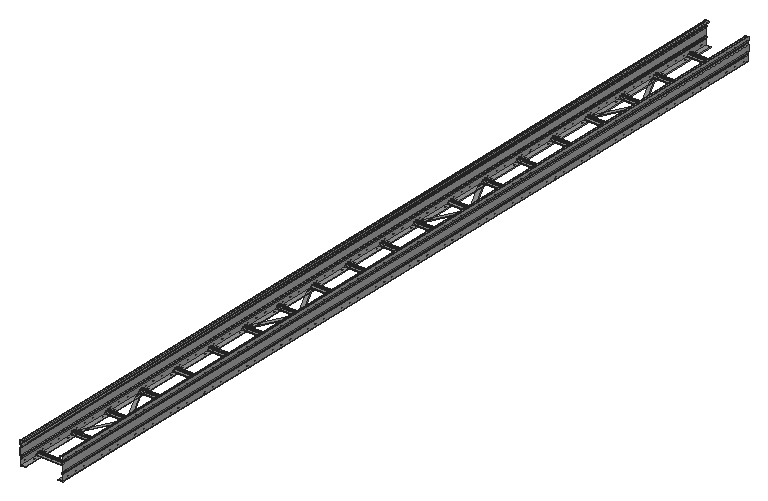
Revit family "W1630 FS, FT, FT SO, A4.28.08", category Generic Models, Revit 2017 (continued)
Forms (mm)
  Extrusion 273, void
    sketch origin (0, 2250, 0) x (0, 1, 0) y (0, 0, 1)
      loop
        line (49.5, 144.5) -> (25.5, 144.5)
        arc (25.5, 144.5) -> (25.146, 144.354) -> (25, 144) r 0.5
        line (25, 144) -> (25, 136)
        arc (25, 136) -> (25.146, 135.646) -> (25.5, 135.5) r 0.5
        line (25.5, 135.5) -> (49.5, 135.5)
        arc (49.5, 135.5) -> (49.854, 135.646) -> (50, 136) r 0.5
        line (50, 136) -> (50, 144)
        arc (50, 144) -> (49.854, 144.354) -> (49.5, 144.5) r 0.5
    from -150 to -148
  Extrusion 274, void
    sketch origin (0, 2325, 0) x (0, 1, 0) y (0, 0, 1)
      loop
        line (49.5, 144.5) -> (25.5, 144.5)
        arc (25.5, 144.5) -> (25.146, 144.354) -> (25, 144) r 0.5
        line (25, 144) -> (25, 136)
        arc (25, 136) -> (25.146, 135.646) -> (25.5, 135.5) r 0.5
        line (25.5, 135.5) -> (49.5, 135.5)
        arc (49.5, 135.5) -> (49.854, 135.646) -> (50, 136) r 0.5
        line (50, 136) -> (50, 144)
        arc (50, 144) -> (49.854, 144.354) -> (49.5, 144.5) r 0.5
    from -150 to -148
  Extrusion 275, void
    sketch origin (0, 2400, 0) x (0, 1, 0) y (0, 0, 1)
      loop
        line (49.5, 144.5) -> (25.5, 144.5)
        arc (25.5, 144.5) -> (25.146, 144.354) -> (25, 144) r 0.5
        line (25, 144) -> (25, 136)
        arc (25, 136) -> (25.146, 135.646) -> (25.5, 135.5) r 0.5
        line (25.5, 135.5) -> (49.5, 135.5)
        arc (49.5, 135.5) -> (49.854, 135.646) -> (50, 136) r 0.5
        line (50, 136) -> (50, 144)
        arc (50, 144) -> (49.854, 144.354) -> (49.5, 144.5) r 0.5
    from -150 to -148
  Extrusion 276, void
    sketch origin (0, 2475, 0) x (0, 1, 0) y (0, 0, 1)
      loop
        line (49.5, 144.5) -> (25.5, 144.5)
        arc (25.5, 144.5) -> (25.146, 144.354) -> (25, 144) r 0.5
        line (25, 144) -> (25, 136)
        arc (25, 136) -> (25.146, 135.646) -> (25.5, 135.5) r 0.5
        line (25.5, 135.5) -> (49.5, 135.5)
        arc (49.5, 135.5) -> (49.854, 135.646) -> (50, 136) r 0.5
        line (50, 136) -> (50, 144)
        arc (50, 144) -> (49.854, 144.354) -> (49.5, 144.5) r 0.5
    from -150 to -148
  Extrusion 277, void
    sketch origin (0, 2550, 0) x (0, 1, 0) y (0, 0, 1)
      loop
        line (49.5, 144.5) -> (25.5, 144.5)
        arc (25.5, 144.5) -> (25.146, 144.354) -> (25, 144) r 0.5
        line (25, 144) -> (25, 136)
        arc (25, 136) -> (25.146, 135.646) -> (25.5, 135.5) r 0.5
        line (25.5, 135.5) -> (49.5, 135.5)
        arc (49.5, 135.5) -> (49.854, 135.646) -> (50, 136) r 0.5
        line (50, 136) -> (50, 144)
        arc (50, 144) -> (49.854, 144.354) -> (49.5, 144.5) r 0.5
    from -150 to -148
  Extrusion 278, void
    sketch origin (0, 2625, 0) x (0, 1, 0) y (0, 0, 1)
      loop
        line (49.5, 144.5) -> (25.5, 144.5)
        arc (25.5, 144.5) -> (25.146, 144.354) -> (25, 144) r 0.5
        line (25, 144) -> (25, 136)
        arc (25, 136) -> (25.146, 135.646) -> (25.5, 135.5) r 0.5
        line (25.5, 135.5) -> (49.5, 135.5)
        arc (49.5, 135.5) -> (49.854, 135.646) -> (50, 136) r 0.5
        line (50, 136) -> (50, 144)
        arc (50, 144) -> (49.854, 144.354) -> (49.5, 144.5) r 0.5
    from -150 to -148
  Extrusion 279, void
    sketch origin (0, 2700, 0) x (0, 1, 0) y (0, 0, 1)
      loop
        line (49.5, 144.5) -> (25.5, 144.5)
        arc (25.5, 144.5) -> (25.146, 144.354) -> (25, 144) r 0.5
        line (25, 144) -> (25, 136)
        arc (25, 136) -> (25.146, 135.646) -> (25.5, 135.5) r 0.5
        line (25.5, 135.5) -> (49.5, 135.5)
        arc (49.5, 135.5) -> (49.854, 135.646) -> (50, 136) r 0.5
        line (50, 136) -> (50, 144)
        arc (50, 144) -> (49.854, 144.354) -> (49.5, 144.5) r 0.5
    from -150 to -148
  Extrusion 280, void
    sketch origin (0, 2775, 0) x (0, 1, 0) y (0, 0, 1)
      loop
        line (49.5, 144.5) -> (25.5, 144.5)
        arc (25.5, 144.5) -> (25.146, 144.354) -> (25, 144) r 0.5
        line (25, 144) -> (25, 136)
        arc (25, 136) -> (25.146, 135.646) -> (25.5, 135.5) r 0.5
        line (25.5, 135.5) -> (49.5, 135.5)
        arc (49.5, 135.5) -> (49.854, 135.646) -> (50, 136) r 0.5
        line (50, 136) -> (50, 144)
        arc (50, 144) -> (49.854, 144.354) -> (49.5, 144.5) r 0.5
    from -150 to -148
  Extrusion 281, void
    sketch origin (0, 2850, 0) x (0, 1, 0) y (0, 0, 1)
      loop
        line (49.5, 144.5) -> (25.5, 144.5)
        arc (25.5, 144.5) -> (25.146, 144.354) -> (25, 144) r 0.5
        line (25, 144) -> (25, 136)
        arc (25, 136) -> (25.146, 135.646) -> (25.5, 135.5) r 0.5
        line (25.5, 135.5) -> (49.5, 135.5)
        arc (49.5, 135.5) -> (49.854, 135.646) -> (50, 136) r 0.5
        line (50, 136) -> (50, 144)
        arc (50, 144) -> (49.854, 144.354) -> (49.5, 144.5) r 0.5
    from -150 to -148
  Extrusion 282, void
    sketch origin (0, 2925, 0) x (0, 1, 0) y (0, 0, 1)
      loop
        line (49.5, 144.5) -> (25.5, 144.5)
        arc (25.5, 144.5) -> (25.146, 144.354) -> (25, 144) r 0.5
        line (25, 144) -> (25, 136)
        arc (25, 136) -> (25.146, 135.646) -> (25.5, 135.5) r 0.5
        line (25.5, 135.5) -> (49.5, 135.5)
        arc (49.5, 135.5) -> (49.854, 135.646) -> (50, 136) r 0.5
        line (50, 136) -> (50, 144)
        arc (50, 144) -> (49.854, 144.354) -> (49.5, 144.5) r 0.5
    from -150 to -148
  Extrusion 283, void
    sketch origin (0, 3000, 0) x (0, 1, 0) y (0, 0, 1)
      loop
        line (49.5, 144.5) -> (25.5, 144.5)
        arc (25.5, 144.5) -> (25.146, 144.354) -> (25, 144) r 0.5
        line (25, 144) -> (25, 136)
        arc (25, 136) -> (25.146, 135.646) -> (25.5, 135.5) r 0.5
        line (25.5, 135.5) -> (49.5, 135.5)
        arc (49.5, 135.5) -> (49.854, 135.646) -> (50, 136) r 0.5
        line (50, 136) -> (50, 144)
        arc (50, 144) -> (49.854, 144.354) -> (49.5, 144.5) r 0.5
    from -150 to -148
  Extrusion 284, void
    sketch origin (0, 3075, 0) x (0, 1, 0) y (0, 0, 1)
      loop
        line (49.5, 144.5) -> (25.5, 144.5)
        arc (25.5, 144.5) -> (25.146, 144.354) -> (25, 144) r 0.5
        line (25, 144) -> (25, 136)
        arc (25, 136) -> (25.146, 135.646) -> (25.5, 135.5) r 0.5
        line (25.5, 135.5) -> (49.5, 135.5)
        arc (49.5, 135.5) -> (49.854, 135.646) -> (50, 136) r 0.5
        line (50, 136) -> (50, 144)
        arc (50, 144) -> (49.854, 144.354) -> (49.5, 144.5) r 0.5
    from -150 to -148
  Extrusion 285, void
    sketch origin (0, 3150, 0) x (0, 1, 0) y (0, 0, 1)
      loop
        line (49.5, 144.5) -> (25.5, 144.5)
        arc (25.5, 144.5) -> (25.146, 144.354) -> (25, 144) r 0.5
        line (25, 144) -> (25, 136)
        arc (25, 136) -> (25.146, 135.646) -> (25.5, 135.5) r 0.5
        line (25.5, 135.5) -> (49.5, 135.5)
        arc (49.5, 135.5) -> (49.854, 135.646) -> (50, 136) r 0.5
        line (50, 136) -> (50, 144)
        arc (50, 144) -> (49.854, 144.354) -> (49.5, 144.5) r 0.5
    from -150 to -148
  Extrusion 286, void
    sketch origin (0, 3225, 0) x (0, 1, 0) y (0, 0, 1)
      loop
        line (49.5, 144.5) -> (25.5, 144.5)
        arc (25.5, 144.5) -> (25.146, 144.354) -> (25, 144) r 0.5
        line (25, 144) -> (25, 136)
        arc (25, 136) -> (25.146, 135.646) -> (25.5, 135.5) r 0.5
        line (25.5, 135.5) -> (49.5, 135.5)
        arc (49.5, 135.5) -> (49.854, 135.646) -> (50, 136) r 0.5
        line (50, 136) -> (50, 144)
        arc (50, 144) -> (49.854, 144.354) -> (49.5, 144.5) r 0.5
    from -150 to -148
  Extrusion 287, void
    sketch origin (0, 3300, 0) x (0, 1, 0) y (0, 0, 1)
      loop
        line (49.5, 144.5) -> (25.5, 144.5)
        arc (25.5, 144.5) -> (25.146, 144.354) -> (25, 144) r 0.5
        line (25, 144) -> (25, 136)
        arc (25, 136) -> (25.146, 135.646) -> (25.5, 135.5) r 0.5
        line (25.5, 135.5) -> (49.5, 135.5)
        arc (49.5, 135.5) -> (49.854, 135.646) -> (50, 136) r 0.5
        line (50, 136) -> (50, 144)
        arc (50, 144) -> (49.854, 144.354) -> (49.5, 144.5) r 0.5
    from -150 to -148
  Extrusion 288, void
    sketch origin (0, 3375, 0) x (0, 1, 0) y (0, 0, 1)
      loop
        line (49.5, 144.5) -> (25.5, 144.5)
        arc (25.5, 144.5) -> (25.146, 144.354) -> (25, 144) r 0.5
        line (25, 144) -> (25, 136)
        arc (25, 136) -> (25.146, 135.646) -> (25.5, 135.5) r 0.5
        line (25.5, 135.5) -> (49.5, 135.5)
        arc (49.5, 135.5) -> (49.854, 135.646) -> (50, 136) r 0.5
        line (50, 136) -> (50, 144)
        arc (50, 144) -> (49.854, 144.354) -> (49.5, 144.5) r 0.5
    from -150 to -148
  Extrusion 289, void
    sketch origin (0, 3450, 0) x (0, 1, 0) y (0, 0, 1)
      loop
        line (49.5, 144.5) -> (25.5, 144.5)
        arc (25.5, 144.5) -> (25.146, 144.354) -> (25, 144) r 0.5
        line (25, 144) -> (25, 136)
        arc (25, 136) -> (25.146, 135.646) -> (25.5, 135.5) r 0.5
        line (25.5, 135.5) -> (49.5, 135.5)
        arc (49.5, 135.5) -> (49.854, 135.646) -> (50, 136) r 0.5
        line (50, 136) -> (50, 144)
        arc (50, 144) -> (49.854, 144.354) -> (49.5, 144.5) r 0.5
    from -150 to -148
  Extrusion 290, void
    sketch origin (0, 3525, 0) x (0, 1, 0) y (0, 0, 1)
      loop
        line (49.5, 144.5) -> (25.5, 144.5)
        arc (25.5, 144.5) -> (25.146, 144.354) -> (25, 144) r 0.5
        line (25, 144) -> (25, 136)
        arc (25, 136) -> (25.146, 135.646) -> (25.5, 135.5) r 0.5
        line (25.5, 135.5) -> (49.5, 135.5)
        arc (49.5, 135.5) -> (49.854, 135.646) -> (50, 136) r 0.5
        line (50, 136) -> (50, 144)
        arc (50, 144) -> (49.854, 144.354) -> (49.5, 144.5) r 0.5
    from -150 to -148
  Extrusion 291, void
    sketch origin (0, 3600, 0) x (0, 1, 0) y (0, 0, 1)
      loop
        line (49.5, 144.5) -> (25.5, 144.5)
        arc (25.5, 144.5) -> (25.146, 144.354) -> (25, 144) r 0.5
        line (25, 144) -> (25, 136)
        arc (25, 136) -> (25.146, 135.646) -> (25.5, 135.5) r 0.5
        line (25.5, 135.5) -> (49.5, 135.5)
        arc (49.5, 135.5) -> (49.854, 135.646) -> (50, 136) r 0.5
        line (50, 136) -> (50, 144)
        arc (50, 144) -> (49.854, 144.354) -> (49.5, 144.5) r 0.5
    from -150 to -148
  Extrusion 292, void
    sketch origin (0, 3675, 0) x (0, 1, 0) y (0, 0, 1)
      loop
        line (49.5, 144.5) -> (25.5, 144.5)
        arc (25.5, 144.5) -> (25.146, 144.354) -> (25, 144) r 0.5
        line (25, 144) -> (25, 136)
        arc (25, 136) -> (25.146, 135.646) -> (25.5, 135.5) r 0.5
        line (25.5, 135.5) -> (49.5, 135.5)
        arc (49.5, 135.5) -> (49.854, 135.646) -> (50, 136) r 0.5
        line (50, 136) -> (50, 144)
        arc (50, 144) -> (49.854, 144.354) -> (49.5, 144.5) r 0.5
    from -150 to -148
  Extrusion 293, void
    sketch origin (0, 3750, 0) x (0, 1, 0) y (0, 0, 1)
      loop
        line (49.5, 144.5) -> (25.5, 144.5)
        arc (25.5, 144.5) -> (25.146, 144.354) -> (25, 144) r 0.5
        line (25, 144) -> (25, 136)
        arc (25, 136) -> (25.146, 135.646) -> (25.5, 135.5) r 0.5
        line (25.5, 135.5) -> (49.5, 135.5)
        arc (49.5, 135.5) -> (49.854, 135.646) -> (50, 136) r 0.5
        line (50, 136) -> (50, 144)
        arc (50, 144) -> (49.854, 144.354) -> (49.5, 144.5) r 0.5
    from -150 to -148
  Extrusion 294, void
    sketch origin (0, 3825, 0) x (0, 1, 0) y (0, 0, 1)
      loop
        line (49.5, 144.5) -> (25.5, 144.5)
        arc (25.5, 144.5) -> (25.146, 144.354) -> (25, 144) r 0.5
        line (25, 144) -> (25, 136)
        arc (25, 136) -> (25.146, 135.646) -> (25.5, 135.5) r 0.5
        line (25.5, 135.5) -> (49.5, 135.5)
        arc (49.5, 135.5) -> (49.854, 135.646) -> (50, 136) r 0.5
        line (50, 136) -> (50, 144)
        arc (50, 144) -> (49.854, 144.354) -> (49.5, 144.5) r 0.5
    from -150 to -148
  Extrusion 295, void
    sketch origin (0, 3900, 0) x (0, 1, 0) y (0, 0, 1)
      loop
        line (49.5, 144.5) -> (25.5, 144.5)
        arc (25.5, 144.5) -> (25.146, 144.354) -> (25, 144) r 0.5
        line (25, 144) -> (25, 136)
        arc (25, 136) -> (25.146, 135.646) -> (25.5, 135.5) r 0.5
        line (25.5, 135.5) -> (49.5, 135.5)
        arc (49.5, 135.5) -> (49.854, 135.646) -> (50, 136) r 0.5
        line (50, 136) -> (50, 144)
        arc (50, 144) -> (49.854, 144.354) -> (49.5, 144.5) r 0.5
    from -150 to -148
  Extrusion 296, void
    sketch origin (0, 3975, 0) x (0, 1, 0) y (0, 0, 1)
      loop
        line (49.5, 144.5) -> (25.5, 144.5)
        arc (25.5, 144.5) -> (25.146, 144.354) -> (25, 144) r 0.5
        line (25, 144) -> (25, 136)
        arc (25, 136) -> (25.146, 135.646) -> (25.5, 135.5) r 0.5
        line (25.5, 135.5) -> (49.5, 135.5)
        arc (49.5, 135.5) -> (49.854, 135.646) -> (50, 136) r 0.5
        line (50, 136) -> (50, 144)
        arc (50, 144) -> (49.854, 144.354) -> (49.5, 144.5) r 0.5
    from -150 to -148
  Extrusion 297, void
    sketch origin (0, 4050, 0) x (0, 1, 0) y (0, 0, 1)
      loop
        line (49.5, 144.5) -> (25.5, 144.5)
        arc (25.5, 144.5) -> (25.146, 144.354) -> (25, 144) r 0.5
        line (25, 144) -> (25, 136)
        arc (25, 136) -> (25.146, 135.646) -> (25.5, 135.5) r 0.5
        line (25.5, 135.5) -> (49.5, 135.5)
        arc (49.5, 135.5) -> (49.854, 135.646) -> (50, 136) r 0.5
        line (50, 136) -> (50, 144)
        arc (50, 144) -> (49.854, 144.354) -> (49.5, 144.5) r 0.5
    from -150 to -148
  Extrusion 298, void
    sketch origin (0, 4125, 0) x (0, 1, 0) y (0, 0, 1)
      loop
        line (49.5, 144.5) -> (25.5, 144.5)
        arc (25.5, 144.5) -> (25.146, 144.354) -> (25, 144) r 0.5
        line (25, 144) -> (25, 136)
        arc (25, 136) -> (25.146, 135.646) -> (25.5, 135.5) r 0.5
        line (25.5, 135.5) -> (49.5, 135.5)
        arc (49.5, 135.5) -> (49.854, 135.646) -> (50, 136) r 0.5
        line (50, 136) -> (50, 144)
        arc (50, 144) -> (49.854, 144.354) -> (49.5, 144.5) r 0.5
    from -150 to -148
  Extrusion 299, void
    sketch origin (0, 4200, 0) x (0, 1, 0) y (0, 0, 1)
      loop
        line (49.5, 144.5) -> (25.5, 144.5)
        arc (25.5, 144.5) -> (25.146, 144.354) -> (25, 144) r 0.5
        line (25, 144) -> (25, 136)
        arc (25, 136) -> (25.146, 135.646) -> (25.5, 135.5) r 0.5
        line (25.5, 135.5) -> (49.5, 135.5)
        arc (49.5, 135.5) -> (49.854, 135.646) -> (50, 136) r 0.5
        line (50, 136) -> (50, 144)
        arc (50, 144) -> (49.854, 144.354) -> (49.5, 144.5) r 0.5
    from -150 to -148
  Extrusion 300, void
    sketch origin (0, 4275, 0) x (0, 1, 0) y (0, 0, 1)
      loop
        line (49.5, 144.5) -> (25.5, 144.5)
        arc (25.5, 144.5) -> (25.146, 144.354) -> (25, 144) r 0.5
        line (25, 144) -> (25, 136)
        arc (25, 136) -> (25.146, 135.646) -> (25.5, 135.5) r 0.5
        line (25.5, 135.5) -> (49.5, 135.5)
        arc (49.5, 135.5) -> (49.854, 135.646) -> (50, 136) r 0.5
        line (50, 136) -> (50, 144)
        arc (50, 144) -> (49.854, 144.354) -> (49.5, 144.5) r 0.5
    from -150 to -148
  Extrusion 301, void
    sketch origin (0, 4350, 0) x (0, 1, 0) y (0, 0, 1)
      loop
        line (49.5, 144.5) -> (25.5, 144.5)
        arc (25.5, 144.5) -> (25.146, 144.354) -> (25, 144) r 0.5
        line (25, 144) -> (25, 136)
        arc (25, 136) -> (25.146, 135.646) -> (25.5, 135.5) r 0.5
        line (25.5, 135.5) -> (49.5, 135.5)
        arc (49.5, 135.5) -> (49.854, 135.646) -> (50, 136) r 0.5
        line (50, 136) -> (50, 144)
        arc (50, 144) -> (49.854, 144.354) -> (49.5, 144.5) r 0.5
    from -150 to -148
  Extrusion 302, void
    sketch origin (0, 4425, 0) x (0, 1, 0) y (0, 0, 1)
      loop
        line (49.5, 144.5) -> (25.5, 144.5)
        arc (25.5, 144.5) -> (25.146, 144.354) -> (25, 144) r 0.5
        line (25, 144) -> (25, 136)
        arc (25, 136) -> (25.146, 135.646) -> (25.5, 135.5) r 0.5
        line (25.5, 135.5) -> (49.5, 135.5)
        arc (49.5, 135.5) -> (49.854, 135.646) -> (50, 136) r 0.5
        line (50, 136) -> (50, 144)
        arc (50, 144) -> (49.854, 144.354) -> (49.5, 144.5) r 0.5
    from -150 to -148
  Extrusion 303, void
    sketch origin (0, 4500, 0) x (0, 1, 0) y (0, 0, 1)
      loop
        line (49.5, 144.5) -> (25.5, 144.5)
        arc (25.5, 144.5) -> (25.146, 144.354) -> (25, 144) r 0.5
        line (25, 144) -> (25, 136)
        arc (25, 136) -> (25.146, 135.646) -> (25.5, 135.5) r 0.5
        line (25.5, 135.5) -> (49.5, 135.5)
        arc (49.5, 135.5) -> (49.854, 135.646) -> (50, 136) r 0.5
        line (50, 136) -> (50, 144)
        arc (50, 144) -> (49.854, 144.354) -> (49.5, 144.5) r 0.5
    from -150 to -148
  Extrusion 304, void
    sketch origin (0, 4575, 0) x (0, 1, 0) y (0, 0, 1)
      loop
        line (49.5, 144.5) -> (25.5, 144.5)
        arc (25.5, 144.5) -> (25.146, 144.354) -> (25, 144) r 0.5
        line (25, 144) -> (25, 136)
        arc (25, 136) -> (25.146, 135.646) -> (25.5, 135.5) r 0.5
        line (25.5, 135.5) -> (49.5, 135.5)
        arc (49.5, 135.5) -> (49.854, 135.646) -> (50, 136) r 0.5
        line (50, 136) -> (50, 144)
        arc (50, 144) -> (49.854, 144.354) -> (49.5, 144.5) r 0.5
    from -150 to -148
  Extrusion 305, void
    sketch origin (0, 4650, 0) x (0, 1, 0) y (0, 0, 1)
      loop
        line (49.5, 144.5) -> (25.5, 144.5)
        arc (25.5, 144.5) -> (25.146, 144.354) -> (25, 144) r 0.5
        line (25, 144) -> (25, 136)
        arc (25, 136) -> (25.146, 135.646) -> (25.5, 135.5) r 0.5
        line (25.5, 135.5) -> (49.5, 135.5)
        arc (49.5, 135.5) -> (49.854, 135.646) -> (50, 136) r 0.5
        line (50, 136) -> (50, 144)
        arc (50, 144) -> (49.854, 144.354) -> (49.5, 144.5) r 0.5
    from -150 to -148
  Extrusion 306, void
    sketch origin (0, 4725, 0) x (0, 1, 0) y (0, 0, 1)
      loop
        line (49.5, 144.5) -> (25.5, 144.5)
        arc (25.5, 144.5) -> (25.146, 144.354) -> (25, 144) r 0.5
        line (25, 144) -> (25, 136)
        arc (25, 136) -> (25.146, 135.646) -> (25.5, 135.5) r 0.5
        line (25.5, 135.5) -> (49.5, 135.5)
        arc (49.5, 135.5) -> (49.854, 135.646) -> (50, 136) r 0.5
        line (50, 136) -> (50, 144)
        arc (50, 144) -> (49.854, 144.354) -> (49.5, 144.5) r 0.5
    from -150 to -148
  Extrusion 307, void
    sketch origin (0, 4800, 0) x (0, 1, 0) y (0, 0, 1)
      loop
        line (49.5, 144.5) -> (25.5, 144.5)
        arc (25.5, 144.5) -> (25.146, 144.354) -> (25, 144) r 0.5
        line (25, 144) -> (25, 136)
        arc (25, 136) -> (25.146, 135.646) -> (25.5, 135.5) r 0.5
        line (25.5, 135.5) -> (49.5, 135.5)
        arc (49.5, 135.5) -> (49.854, 135.646) -> (50, 136) r 0.5
        line (50, 136) -> (50, 144)
        arc (50, 144) -> (49.854, 144.354) -> (49.5, 144.5) r 0.5
    from -150 to -148
  Extrusion 308, void
    sketch origin (0, 4875, 0) x (0, 1, 0) y (0, 0, 1)
      loop
        line (49.5, 144.5) -> (25.5, 144.5)
        arc (25.5, 144.5) -> (25.146, 144.354) -> (25, 144) r 0.5
        line (25, 144) -> (25, 136)
        arc (25, 136) -> (25.146, 135.646) -> (25.5, 135.5) r 0.5
        line (25.5, 135.5) -> (49.5, 135.5)
        arc (49.5, 135.5) -> (49.854, 135.646) -> (50, 136) r 0.5
        line (50, 136) -> (50, 144)
        arc (50, 144) -> (49.854, 144.354) -> (49.5, 144.5) r 0.5
    from -150 to -148
  Extrusion 309, void
    sketch origin (0, 4950, 0) x (0, 1, 0) y (0, 0, 1)
      loop
        line (49.5, 144.5) -> (25.5, 144.5)
        arc (25.5, 144.5) -> (25.146, 144.354) -> (25, 144) r 0.5
        line (25, 144) -> (25, 136)
        arc (25, 136) -> (25.146, 135.646) -> (25.5, 135.5) r 0.5
        line (25.5, 135.5) -> (49.5, 135.5)
        arc (49.5, 135.5) -> (49.854, 135.646) -> (50, 136) r 0.5
        line (50, 136) -> (50, 144)
        arc (50, 144) -> (49.854, 144.354) -> (49.5, 144.5) r 0.5
    from -150 to -148
  Extrusion 310, void
    sketch origin (0, 5025, 0) x (0, 1, 0) y (0, 0, 1)
      loop
        line (49.5, 144.5) -> (25.5, 144.5)
        arc (25.5, 144.5) -> (25.146, 144.354) -> (25, 144) r 0.5
        line (25, 144) -> (25, 136)
        arc (25, 136) -> (25.146, 135.646) -> (25.5, 135.5) r 0.5
        line (25.5, 135.5) -> (49.5, 135.5)
        arc (49.5, 135.5) -> (49.854, 135.646) -> (50, 136) r 0.5
        line (50, 136) -> (50, 144)
        arc (50, 144) -> (49.854, 144.354) -> (49.5, 144.5) r 0.5
    from -150 to -148
  Extrusion 311, void
    sketch origin (0, 5100, 0) x (0, 1, 0) y (0, 0, 1)
      loop
        line (49.5, 144.5) -> (25.5, 144.5)
        arc (25.5, 144.5) -> (25.146, 144.354) -> (25, 144) r 0.5
        line (25, 144) -> (25, 136)
        arc (25, 136) -> (25.146, 135.646) -> (25.5, 135.5) r 0.5
        line (25.5, 135.5) -> (49.5, 135.5)
        arc (49.5, 135.5) -> (49.854, 135.646) -> (50, 136) r 0.5
        line (50, 136) -> (50, 144)
        arc (50, 144) -> (49.854, 144.354) -> (49.5, 144.5) r 0.5
    from -150 to -148
  Extrusion 312, void
    sketch origin (0, 5175, 0) x (0, 1, 0) y (0, 0, 1)
      loop
        line (49.5, 144.5) -> (25.5, 144.5)
        arc (25.5, 144.5) -> (25.146, 144.354) -> (25, 144) r 0.5
        line (25, 144) -> (25, 136)
        arc (25, 136) -> (25.146, 135.646) -> (25.5, 135.5) r 0.5
        line (25.5, 135.5) -> (49.5, 135.5)
        arc (49.5, 135.5) -> (49.854, 135.646) -> (50, 136) r 0.5
        line (50, 136) -> (50, 144)
        arc (50, 144) -> (49.854, 144.354) -> (49.5, 144.5) r 0.5
    from -150 to -148
  Extrusion 313, void
    sketch origin (0, 5250, 0) x (0, 1, 0) y (0, 0, 1)
      loop
        line (49.5, 144.5) -> (25.5, 144.5)
        arc (25.5, 144.5) -> (25.146, 144.354) -> (25, 144) r 0.5
        line (25, 144) -> (25, 136)
        arc (25, 136) -> (25.146, 135.646) -> (25.5, 135.5) r 0.5
        line (25.5, 135.5) -> (49.5, 135.5)
        arc (49.5, 135.5) -> (49.854, 135.646) -> (50, 136) r 0.5
        line (50, 136) -> (50, 144)
        arc (50, 144) -> (49.854, 144.354) -> (49.5, 144.5) r 0.5
    from -150 to -148
  Extrusion 314, void
    sketch origin (0, 5325, 0) x (0, 1, 0) y (0, 0, 1)
      loop
        line (49.5, 144.5) -> (25.5, 144.5)
        arc (25.5, 144.5) -> (25.146, 144.354) -> (25, 144) r 0.5
        line (25, 144) -> (25, 136)
        arc (25, 136) -> (25.146, 135.646) -> (25.5, 135.5) r 0.5
        line (25.5, 135.5) -> (49.5, 135.5)
        arc (49.5, 135.5) -> (49.854, 135.646) -> (50, 136) r 0.5
        line (50, 136) -> (50, 144)
        arc (50, 144) -> (49.854, 144.354) -> (49.5, 144.5) r 0.5
    from -150 to -148
  Extrusion 315, void
    sketch origin (0, 5400, 0) x (0, 1, 0) y (0, 0, 1)
      loop
        line (49.5, 144.5) -> (25.5, 144.5)
        arc (25.5, 144.5) -> (25.146, 144.354) -> (25, 144) r 0.5
        line (25, 144) -> (25, 136)
        arc (25, 136) -> (25.146, 135.646) -> (25.5, 135.5) r 0.5
        line (25.5, 135.5) -> (49.5, 135.5)
        arc (49.5, 135.5) -> (49.854, 135.646) -> (50, 136) r 0.5
        line (50, 136) -> (50, 144)
        arc (50, 144) -> (49.854, 144.354) -> (49.5, 144.5) r 0.5
    from -150 to -148
  Extrusion 316, void
    sketch origin (0, 5475, 0) x (0, 1, 0) y (0, 0, 1)
      loop
        line (49.5, 144.5) -> (25.5, 144.5)
        arc (25.5, 144.5) -> (25.146, 144.354) -> (25, 144) r 0.5
        line (25, 144) -> (25, 136)
        arc (25, 136) -> (25.146, 135.646) -> (25.5, 135.5) r 0.5
        line (25.5, 135.5) -> (49.5, 135.5)
        arc (49.5, 135.5) -> (49.854, 135.646) -> (50, 136) r 0.5
        line (50, 136) -> (50, 144)
        arc (50, 144) -> (49.854, 144.354) -> (49.5, 144.5) r 0.5
    from -150 to -148
  Extrusion 317, void
    sketch origin (0, 5550, 0) x (0, 1, 0) y (0, 0, 1)
      loop
        line (49.5, 144.5) -> (25.5, 144.5)
        arc (25.5, 144.5) -> (25.146, 144.354) -> (25, 144) r 0.5
        line (25, 144) -> (25, 136)
        arc (25, 136) -> (25.146, 135.646) -> (25.5, 135.5) r 0.5
        line (25.5, 135.5) -> (49.5, 135.5)
        arc (49.5, 135.5) -> (49.854, 135.646) -> (50, 136) r 0.5
        line (50, 136) -> (50, 144)
        arc (50, 144) -> (49.854, 144.354) -> (49.5, 144.5) r 0.5
    from -150 to -148
  Extrusion 318, void
    sketch origin (0, 5625, 0) x (0, 1, 0) y (0, 0, 1)
      loop
        line (49.5, 144.5) -> (25.5, 144.5)
        arc (25.5, 144.5) -> (25.146, 144.354) -> (25, 144) r 0.5
        line (25, 144) -> (25, 136)
        arc (25, 136) -> (25.146, 135.646) -> (25.5, 135.5) r 0.5
        line (25.5, 135.5) -> (49.5, 135.5)
        arc (49.5, 135.5) -> (49.854, 135.646) -> (50, 136) r 0.5
        line (50, 136) -> (50, 144)
        arc (50, 144) -> (49.854, 144.354) -> (49.5, 144.5) r 0.5
    from -150 to -148
  Extrusion 319, void
    sketch origin (0, 5700, 0) x (0, 1, 0) y (0, 0, 1)
      loop
        line (49.5, 144.5) -> (25.5, 144.5)
        arc (25.5, 144.5) -> (25.146, 144.354) -> (25, 144) r 0.5
        line (25, 144) -> (25, 136)
        arc (25, 136) -> (25.146, 135.646) -> (25.5, 135.5) r 0.5
        line (25.5, 135.5) -> (49.5, 135.5)
        arc (49.5, 135.5) -> (49.854, 135.646) -> (50, 136) r 0.5
        line (50, 136) -> (50, 144)
        arc (50, 144) -> (49.854, 144.354) -> (49.5, 144.5) r 0.5
    from -150 to -148
  Extrusion 320, void
    sketch origin (0, 5775, 0) x (0, 1, 0) y (0, 0, 1)
      loop
        line (49.5, 144.5) -> (25.5, 144.5)
        arc (25.5, 144.5) -> (25.146, 144.354) -> (25, 144) r 0.5
        line (25, 144) -> (25, 136)
        arc (25, 136) -> (25.146, 135.646) -> (25.5, 135.5) r 0.5
        line (25.5, 135.5) -> (49.5, 135.5)
        arc (49.5, 135.5) -> (49.854, 135.646) -> (50, 136) r 0.5
        line (50, 136) -> (50, 144)
        arc (50, 144) -> (49.854, 144.354) -> (49.5, 144.5) r 0.5
    from -150 to -148
  Extrusion 321, void
    sketch origin (0, 5850, 0) x (0, 1, 0) y (0, 0, 1)
      loop
        line (49.5, 144.5) -> (25.5, 144.5)
        arc (25.5, 144.5) -> (25.146, 144.354) -> (25, 144) r 0.5
        line (25, 144) -> (25, 136)
        arc (25, 136) -> (25.146, 135.646) -> (25.5, 135.5) r 0.5
        line (25.5, 135.5) -> (49.5, 135.5)
        arc (49.5, 135.5) -> (49.854, 135.646) -> (50, 136) r 0.5
        line (50, 136) -> (50, 144)
        arc (50, 144) -> (49.854, 144.354) -> (49.5, 144.5) r 0.5
    from -150 to -148
  Extrusion 322, void
    sketch origin (0, 5925, 0) x (0, 1, 0) y (0, 0, 1)
      loop
        line (49.5, 144.5) -> (25.5, 144.5)
        arc (25.5, 144.5) -> (25.146, 144.354) -> (25, 144) r 0.5
        line (25, 144) -> (25, 136)
        arc (25, 136) -> (25.146, 135.646) -> (25.5, 135.5) r 0.5
        line (25.5, 135.5) -> (49.5, 135.5)
        arc (49.5, 135.5) -> (49.854, 135.646) -> (50, 136) r 0.5
        line (50, 136) -> (50, 144)
        arc (50, 144) -> (49.854, 144.354) -> (49.5, 144.5) r 0.5
    from -150 to -148
  Extrusion 323, solid, material "Hot-dip galvanised" <- "Material"
    sketch origin (0, 0, 0) x (0, 1, 0) y (0, 0, 1)
      loop
        line (134.972, 3.5) -> (165.028, 3.5)
        arc (165.028, 3.5) -> (166.583, 4.242) -> (166.984, 5.917) r 2
        line (166.984, 5.917) -> (163.998, 19.917)
        arc (163.998, 19.917) -> (163.301, 21.055) -> (162.042, 21.5) r 2
        line (162.042, 21.5) -> (158.095, 21.5) -> (158.095, 20) -> (161.638, 20)
        arc (161.638, 20) -> (162.267, 19.777) -> (162.616, 19.209) r 1
        line (162.616, 19.209) -> (165.389, 6.209)
        arc (165.389, 6.209) -> (165.188, 5.371) -> (164.411, 5) r 1
        line (164.411, 5) -> (135.589, 5)
        arc (135.589, 5) -> (134.812, 5.371) -> (134.611, 6.209) r 1
        line (134.611, 6.209) -> (137.384, 19.209)
        arc (137.384, 19.209) -> (137.733, 19.777) -> (138.362, 20) r 1
        line (138.362, 20) -> (141.595, 20) -> (141.595, 21.5) -> (137.958, 21.5)
        arc (137.958, 21.5) -> (136.699, 21.055) -> (136.002, 19.917) r 2
        line (136.002, 19.917) -> (133.016, 5.917)
        arc (133.016, 5.917) -> (133.417, 4.242) -> (134.972, 3.5) r 2
    from -146.514 to 146.514
  Extrusion 324, void
    sketch origin (0, 0, 0) x (1, 0, 0) y (0, 1, 0)
      loop
        circle (-132, 99.595) r 2.5
    from 0 to 2
  Extrusion 325, void
    sketch origin (0, 300, 0) x (1, 0, 0) y (0, 1, 0)
      loop
        circle (-132, 99.595) r 2.5
    from 0 to 2
  Extrusion 326, void
    sketch origin (0, 600, 0) x (1, 0, 0) y (0, 1, 0)
      loop
        circle (-132, 99.595) r 2.5
    from 0 to 2
  Extrusion 327, void
    sketch origin (0, 900, 0) x (1, 0, 0) y (0, 1, 0)
      loop
        circle (-132, 99.595) r 2.5
    from 0 to 2
  Extrusion 328, void
    sketch origin (0, 1200, 0) x (1, 0, 0) y (0, 1, 0)
      loop
        circle (-132, 99.595) r 2.5
    from 0 to 2
  Extrusion 329, void
    sketch origin (0, 1500, 0) x (1, 0, 0) y (0, 1, 0)
      loop
        circle (-132, 99.595) r 2.5
    from 0 to 2
  Extrusion 330, void
    sketch origin (0, 1800, 0) x (1, 0, 0) y (0, 1, 0)
      loop
        circle (-132, 99.595) r 2.5
    from 0 to 2
  Extrusion 331, void
    sketch origin (0, 2100, 0) x (1, 0, 0) y (0, 1, 0)
      loop
        circle (-132, 99.595) r 2.5
    from 0 to 2
  Extrusion 332, void
    sketch origin (0, 2400, 0) x (1, 0, 0) y (0, 1, 0)
      loop
        circle (-132, 99.595) r 2.5
    from 0 to 2
  Extrusion 333, void
    sketch origin (0, 2700, 0) x (1, 0, 0) y (0, 1, 0)
      loop
        circle (-132, 99.595) r 2.5
    from 0 to 2
  Extrusion 334, void
    sketch origin (0, 3000, 0) x (1, 0, 0) y (0, 1, 0)
      loop
        circle (-132, 99.595) r 2.5
    from 0 to 2
  Extrusion 335, void
    sketch origin (0, 3300, 0) x (1, 0, 0) y (0, 1, 0)
      loop
        circle (-132, 99.595) r 2.5
    from 0 to 2
  Extrusion 336, void
    sketch origin (0, 3600, 0) x (1, 0, 0) y (0, 1, 0)
      loop
        circle (-132, 99.595) r 2.5
    from 0 to 2
  Extrusion 337, void
    sketch origin (0, 3900, 0) x (1, 0, 0) y (0, 1, 0)
      loop
        circle (-132, 99.595) r 2.5
    from 0 to 2
  Extrusion 338, void
    sketch origin (0, 4200, 0) x (1, 0, 0) y (0, 1, 0)
      loop
        circle (-132, 99.595) r 2.5
    from 0 to 2
  Extrusion 339, void
    sketch origin (0, 4500, 0) x (1, 0, 0) y (0, 1, 0)
      loop
        circle (-132, 99.595) r 2.5
    from 0 to 2
  Extrusion 340, void
    sketch origin (0, 4800, 0) x (1, 0, 0) y (0, 1, 0)
      loop
        circle (-132, 99.595) r 2.5
    from 0 to 2
  Extrusion 341, void
    sketch origin (0, 5100, 0) x (1, 0, 0) y (0, 1, 0)
      loop
        circle (-132, 99.595) r 2.5
    from 0 to 2
  Extrusion 342, void
    sketch origin (0, 5400, 0) x (1, 0, 0) y (0, 1, 0)
      loop
        circle (-132, 99.595) r 2.5
    from 0 to 2
  Extrusion 343, void
    sketch origin (0, 5700, 0) x (1, 0, 0) y (0, 1, 0)
      loop
        circle (-132, 99.595) r 2.5
    from 0 to 2
  Extrusion 344, void
    sketch origin (0, 0, 0) x (1, 0, 0) y (0, 1, 0)
      loop
        circle (-132, 199.595) r 2.5
    from 0 to 2
  Extrusion 345, void
    sketch origin (0, 300, 0) x (1, 0, 0) y (0, 1, 0)
      loop
        circle (-132, 199.595) r 2.5
    from 0 to 2
  Extrusion 346, void
    sketch origin (0, 600, 0) x (1, 0, 0) y (0, 1, 0)
      loop
        circle (-132, 199.595) r 2.5
    from 0 to 2
  Extrusion 347, void
    sketch origin (0, 900, 0) x (1, 0, 0) y (0, 1, 0)
      loop
        circle (-132, 199.595) r 2.5
    from 0 to 2
  Extrusion 348, void
    sketch origin (0, 1200, 0) x (1, 0, 0) y (0, 1, 0)
      loop
        circle (-132, 199.595) r 2.5
    from 0 to 2
  Extrusion 349, void
    sketch origin (0, 1500, 0) x (1, 0, 0) y (0, 1, 0)
      loop
        circle (-132, 199.595) r 2.5
    from 0 to 2
  Extrusion 350, void
    sketch origin (0, 1800, 0) x (1, 0, 0) y (0, 1, 0)
      loop
        circle (-132, 199.595) r 2.5
    from 0 to 2
  Extrusion 351, void
    sketch origin (0, 2100, 0) x (1, 0, 0) y (0, 1, 0)
      loop
        circle (-132, 199.595) r 2.5
    from 0 to 2
  Extrusion 352, void
    sketch origin (0, 2400, 0) x (1, 0, 0) y (0, 1, 0)
      loop
        circle (-132, 199.595) r 2.5
    from 0 to 2
  Extrusion 353, void
    sketch origin (0, 2700, 0) x (1, 0, 0) y (0, 1, 0)
      loop
        circle (-132, 199.595) r 2.5
    from 0 to 2
  Extrusion 354, void
    sketch origin (0, 3000, 0) x (1, 0, 0) y (0, 1, 0)
      loop
        circle (-132, 199.595) r 2.5
    from 0 to 2
  Extrusion 355, void
    sketch origin (0, 3300, 0) x (1, 0, 0) y (0, 1, 0)
      loop
        circle (-132, 199.595) r 2.5
    from 0 to 2
  Extrusion 356, void
    sketch origin (0, 3600, 0) x (1, 0, 0) y (0, 1, 0)
      loop
        circle (-132, 199.595) r 2.5
    from 0 to 2
  Extrusion 357, void
    sketch origin (0, 3900, 0) x (1, 0, 0) y (0, 1, 0)
      loop
        circle (-132, 199.595) r 2.5
    from 0 to 2
  Extrusion 358, void
    sketch origin (0, 4200, 0) x (1, 0, 0) y (0, 1, 0)
      loop
        circle (-132, 199.595) r 2.5
    from 0 to 2
  Extrusion 359, void
    sketch origin (0, 4500, 0) x (1, 0, 0) y (0, 1, 0)
      loop
        circle (-132, 199.595) r 2.5
    from 0 to 2
  Extrusion 360, void
    sketch origin (0, 4800, 0) x (1, 0, 0) y (0, 1, 0)
      loop
        circle (-132, 199.595) r 2.5
    from 0 to 2
  Extrusion 361, void
    sketch origin (0, 5100, 0) x (1, 0, 0) y (0, 1, 0)
      loop
        circle (-132, 199.595) r 2.5
    from 0 to 2
  Extrusion 362, void
    sketch origin (0, 5400, 0) x (1, 0, 0) y (0, 1, 0)
      loop
        circle (-132, 199.595) r 2.5
    from 0 to 2
  Extrusion 363, void
    sketch origin (0, 5700, 0) x (1, 0, 0) y (0, 1, 0)
      loop
        circle (-132, 199.595) r 2.5
    from 0 to 2
  Extrusion 364, void
    sketch origin (0, 0, 0) x (1, 0, 0) y (0, 1, 0)
      loop
        circle (132, 99.595) r 2.5
    from 0 to 2
  Extrusion 365, void
    sketch origin (0, 300, 0) x (1, 0, 0) y (0, 1, 0)
      loop
        circle (132, 99.595) r 2.5
    from 0 to 2
  Extrusion 366, void
    sketch origin (0, 600, 0) x (1, 0, 0) y (0, 1, 0)
      loop
        circle (132, 99.595) r 2.5
    from 0 to 2
  Extrusion 367, void
    sketch origin (0, 900, 0) x (1, 0, 0) y (0, 1, 0)
      loop
        circle (132, 99.595) r 2.5
    from 0 to 2
  Extrusion 368, void
    sketch origin (0, 1200, 0) x (1, 0, 0) y (0, 1, 0)
      loop
        circle (132, 99.595) r 2.5
    from 0 to 2
  Extrusion 369, void
    sketch origin (0, 1500, 0) x (1, 0, 0) y (0, 1, 0)
      loop
        circle (132, 99.595) r 2.5
    from 0 to 2
  Extrusion 370, void
    sketch origin (0, 1800, 0) x (1, 0, 0) y (0, 1, 0)
      loop
        circle (132, 99.595) r 2.5
    from 0 to 2
  Extrusion 371, void
    sketch origin (0, 2100, 0) x (1, 0, 0) y (0, 1, 0)
      loop
        circle (132, 99.595) r 2.5
    from 0 to 2
  Extrusion 372, void
    sketch origin (0, 2400, 0) x (1, 0, 0) y (0, 1, 0)
      loop
        circle (132, 99.595) r 2.5
    from 0 to 2
  Extrusion 373, void
    sketch origin (0, 2700, 0) x (1, 0, 0) y (0, 1, 0)
      loop
        circle (132, 99.595) r 2.5
    from 0 to 2
  Extrusion 374, void
    sketch origin (0, 3000, 0) x (1, 0, 0) y (0, 1, 0)
      loop
        circle (132, 99.595) r 2.5
    from 0 to 2
  Extrusion 375, void
    sketch origin (0, 3300, 0) x (1, 0, 0) y (0, 1, 0)
      loop
        circle (132, 99.595) r 2.5
    from 0 to 2
  Extrusion 376, void
    sketch origin (0, 3600, 0) x (1, 0, 0) y (0, 1, 0)
      loop
        circle (132, 99.595) r 2.5
    from 0 to 2
  Extrusion 377, void
    sketch origin (0, 3900, 0) x (1, 0, 0) y (0, 1, 0)
      loop
        circle (132, 99.595) r 2.5
    from 0 to 2
  Extrusion 378, void
    sketch origin (0, 4200, 0) x (1, 0, 0) y (0, 1, 0)
      loop
        circle (132, 99.595) r 2.5
    from 0 to 2
  Extrusion 379, void
    sketch origin (0, 4500, 0) x (1, 0, 0) y (0, 1, 0)
      loop
        circle (132, 99.595) r 2.5
    from 0 to 2
  Extrusion 380, void
    sketch origin (0, 4800, 0) x (1, 0, 0) y (0, 1, 0)
      loop
        circle (132, 99.595) r 2.5
    from 0 to 2
  Extrusion 381, void
    sketch origin (0, 5100, 0) x (1, 0, 0) y (0, 1, 0)
      loop
        circle (132, 99.595) r 2.5
    from 0 to 2
  Extrusion 382, void
    sketch origin (0, 5400, 0) x (1, 0, 0) y (0, 1, 0)
      loop
        circle (132, 99.595) r 2.5
    from 0 to 2
  Extrusion 383, void
    sketch origin (0, 5700, 0) x (1, 0, 0) y (0, 1, 0)
      loop
        circle (132, 99.595) r 2.5
    from 0 to 2
  Extrusion 384, void
    sketch origin (0, 0, 0) x (1, 0, 0) y (0, 1, 0)
      loop
        circle (132, 199.595) r 2.5
    from 0 to 2
  Extrusion 385, void
    sketch origin (0, 300, 0) x (1, 0, 0) y (0, 1, 0)
      loop
        circle (132, 199.595) r 2.5
    from 0 to 2
  Extrusion 386, void
    sketch origin (0, 600, 0) x (1, 0, 0) y (0, 1, 0)
      loop
        circle (132, 199.595) r 2.5
    from 0 to 2
  Extrusion 387, void
    sketch origin (0, 900, 0) x (1, 0, 0) y (0, 1, 0)
      loop
        circle (132, 199.595) r 2.5
    from 0 to 2
  Extrusion 388, void
    sketch origin (0, 1200, 0) x (1, 0, 0) y (0, 1, 0)
      loop
        circle (132, 199.595) r 2.5
    from 0 to 2
  Extrusion 389, void
    sketch origin (0, 1500, 0) x (1, 0, 0) y (0, 1, 0)
      loop
        circle (132, 199.595) r 2.5
    from 0 to 2
  Extrusion 390, void
    sketch origin (0, 1800, 0) x (1, 0, 0) y (0, 1, 0)
      loop
        circle (132, 199.595) r 2.5
    from 0 to 2
  Extrusion 391, void
    sketch origin (0, 2100, 0) x (1, 0, 0) y (0, 1, 0)
      loop
        circle (132, 199.595) r 2.5
    from 0 to 2
  Extrusion 392, void
    sketch origin (0, 2400, 0) x (1, 0, 0) y (0, 1, 0)
      loop
        circle (132, 199.595) r 2.5
    from 0 to 2
  Extrusion 393, void
    sketch origin (0, 2700, 0) x (1, 0, 0) y (0, 1, 0)
      loop
        circle (132, 199.595) r 2.5
    from 0 to 2
  Extrusion 394, void
    sketch origin (0, 3000, 0) x (1, 0, 0) y (0, 1, 0)
      loop
        circle (132, 199.595) r 2.5
    from 0 to 2
  Extrusion 395, void
    sketch origin (0, 3300, 0) x (1, 0, 0) y (0, 1, 0)
      loop
        circle (132, 199.595) r 2.5
    from 0 to 2
  Extrusion 396, void
    sketch origin (0, 3600, 0) x (1, 0, 0) y (0, 1, 0)
      loop
        circle (132, 199.595) r 2.5
    from 0 to 2
  Extrusion 397, void
    sketch origin (0, 3900, 0) x (1, 0, 0) y (0, 1, 0)
      loop
        circle (132, 199.595) r 2.5
    from 0 to 2
  Extrusion 398, void
    sketch origin (0, 4200, 0) x (1, 0, 0) y (0, 1, 0)
      loop
        circle (132, 199.595) r 2.5
    from 0 to 2
  Extrusion 399, void
    sketch origin (0, 4500, 0) x (1, 0, 0) y (0, 1, 0)
      loop
        circle (132, 199.595) r 2.5
    from 0 to 2
  Extrusion 400, void
    sketch origin (0, 4800, 0) x (1, 0, 0) y (0, 1, 0)
      loop
        circle (132, 199.595) r 2.5
    from 0 to 2
  Extrusion 401, void
    sketch origin (0, 5100, 0) x (1, 0, 0) y (0, 1, 0)
      loop
        circle (132, 199.595) r 2.5
    from 0 to 2
  Extrusion 402, void
    sketch origin (0, 5400, 0) x (1, 0, 0) y (0, 1, 0)
      loop
        circle (132, 199.595) r 2.5
    from 0 to 2
  Extrusion 403, void
    sketch origin (0, 5700, 0) x (1, 0, 0) y (0, 1, 0)
      loop
        circle (132, 199.595) r 2.5
    from 0 to 2
  Extrusion 404, void
    sketch origin (0, 0, 0) x (1, 0, 0) y (0, 1, 0)
      loop
        circle (-137.5, 149.595) r 2.75
      loop
        circle (-107.5, 149.595) r 3.5
      loop
        circle (137.5, 149.595) r 2.75
      loop
        circle (107.5, 149.595) r 3.5
    from 0 to 5
  Extrusion 405, solid, material "Hot-dip galvanised" <- "Material", not visible
    sketch origin (0, 0, 0) x (0, 1, 0) y (0, 0, 1)
      loop
        line (134.972, 3.5) -> (165.028, 3.5)
        arc (165.028, 3.5) -> (166.583, 4.242) -> (166.984, 5.917) r 2
        line (166.984, 5.917) -> (163.998, 19.917)
        arc (163.998, 19.917) -> (163.301, 21.055) -> (162.042, 21.5) r 2
        line (162.042, 21.5) -> (158.095, 21.5) -> (158.095, 20) -> (161.638, 20)
        arc (161.638, 20) -> (162.267, 19.777) -> (162.616, 19.209) r 1
        line (162.616, 19.209) -> (165.389, 6.209)
        arc (165.389, 6.209) -> (165.188, 5.371) -> (164.411, 5) r 1
        line (164.411, 5) -> (135.589, 5)
        arc (135.589, 5) -> (134.812, 5.371) -> (134.611, 6.209) r 1
        line (134.611, 6.209) -> (137.384, 19.209)
        arc (137.384, 19.209) -> (137.733, 19.777) -> (138.362, 20) r 1
        line (138.362, 20) -> (141.595, 20) -> (141.595, 21.5) -> (137.958, 21.5)
        arc (137.958, 21.5) -> (136.699, 21.055) -> (136.002, 19.917) r 2
        line (136.002, 19.917) -> (133.016, 5.917)
        arc (133.016, 5.917) -> (133.417, 4.242) -> (134.972, 3.5) r 2
    from -146.514 to 146.514
  Extrusion 406, solid, material "Hot-dip galvanised" <- "Material"
    sketch origin (0, 300, 0) x (0, 1, 0) y (0, 0, 1)
      loop
        line (134.972, 3.5) -> (165.028, 3.5)
        arc (165.028, 3.5) -> (166.583, 4.242) -> (166.984, 5.917) r 2
        line (166.984, 5.917) -> (163.998, 19.917)
        arc (163.998, 19.917) -> (163.301, 21.055) -> (162.042, 21.5) r 2
        line (162.042, 21.5) -> (158.095, 21.5) -> (158.095, 20) -> (161.638, 20)
        arc (161.638, 20) -> (162.267, 19.777) -> (162.616, 19.209) r 1
        line (162.616, 19.209) -> (165.389, 6.209)
        arc (165.389, 6.209) -> (165.188, 5.371) -> (164.411, 5) r 1
        line (164.411, 5) -> (135.589, 5)
        arc (135.589, 5) -> (134.812, 5.371) -> (134.611, 6.209) r 1
        line (134.611, 6.209) -> (137.384, 19.209)
        arc (137.384, 19.209) -> (137.733, 19.777) -> (138.362, 20) r 1
        line (138.362, 20) -> (141.595, 20) -> (141.595, 21.5) -> (137.958, 21.5)
        arc (137.958, 21.5) -> (136.699, 21.055) -> (136.002, 19.917) r 2
        line (136.002, 19.917) -> (133.016, 5.917)
        arc (133.016, 5.917) -> (133.417, 4.242) -> (134.972, 3.5) r 2
    from -146.514 to 146.514
  Extrusion 407, void
    sketch origin (0, 300, 0) x (1, 0, 0) y (0, 1, 0)
      loop
        circle (-137.5, 149.595) r 2.75
      loop
        circle (-107.5, 149.595) r 3.5
      loop
        circle (137.5, 149.595) r 2.75
      loop
        circle (107.5, 149.595) r 3.5
    from 0 to 5
  Extrusion 408, solid, material "Hot-dip galvanised" <- "Material"
    sketch origin (0, 600, 0) x (0, 1, 0) y (0, 0, 1)
      loop
        line (134.972, 3.5) -> (165.028, 3.5)
        arc (165.028, 3.5) -> (166.583, 4.242) -> (166.984, 5.917) r 2
        line (166.984, 5.917) -> (163.998, 19.917)
        arc (163.998, 19.917) -> (163.301, 21.055) -> (162.042, 21.5) r 2
        line (162.042, 21.5) -> (158.095, 21.5) -> (158.095, 20) -> (161.638, 20)
        arc (161.638, 20) -> (162.267, 19.777) -> (162.616, 19.209) r 1
        line (162.616, 19.209) -> (165.389, 6.209)
        arc (165.389, 6.209) -> (165.188, 5.371) -> (164.411, 5) r 1
        line (164.411, 5) -> (135.589, 5)
        arc (135.589, 5) -> (134.812, 5.371) -> (134.611, 6.209) r 1
        line (134.611, 6.209) -> (137.384, 19.209)
        arc (137.384, 19.209) -> (137.733, 19.777) -> (138.362, 20) r 1
        line (138.362, 20) -> (141.595, 20) -> (141.595, 21.5) -> (137.958, 21.5)
        arc (137.958, 21.5) -> (136.699, 21.055) -> (136.002, 19.917) r 2
        line (136.002, 19.917) -> (133.016, 5.917)
        arc (133.016, 5.917) -> (133.417, 4.242) -> (134.972, 3.5) r 2
    from -146.514 to 146.514
  Extrusion 409, void
    sketch origin (0, 600, 0) x (1, 0, 0) y (0, 1, 0)
      loop
        circle (-137.5, 149.595) r 2.75
      loop
        circle (-107.5, 149.595) r 3.5
      loop
        circle (137.5, 149.595) r 2.75
      loop
        circle (107.5, 149.595) r 3.5
    from 0 to 5
  Extrusion 410, solid, material "Hot-dip galvanised" <- "Material"
    sketch origin (0, 900, 0) x (0, 1, 0) y (0, 0, 1)
      loop
        line (134.972, 3.5) -> (165.028, 3.5)
        arc (165.028, 3.5) -> (166.583, 4.242) -> (166.984, 5.917) r 2
        line (166.984, 5.917) -> (163.998, 19.917)
        arc (163.998, 19.917) -> (163.301, 21.055) -> (162.042, 21.5) r 2
        line (162.042, 21.5) -> (158.095, 21.5) -> (158.095, 20) -> (161.638, 20)
        arc (161.638, 20) -> (162.267, 19.777) -> (162.616, 19.209) r 1
        line (162.616, 19.209) -> (165.389, 6.209)
        arc (165.389, 6.209) -> (165.188, 5.371) -> (164.411, 5) r 1
        line (164.411, 5) -> (135.589, 5)
        arc (135.589, 5) -> (134.812, 5.371) -> (134.611, 6.209) r 1
        line (134.611, 6.209) -> (137.384, 19.209)
        arc (137.384, 19.209) -> (137.733, 19.777) -> (138.362, 20) r 1
        line (138.362, 20) -> (141.595, 20) -> (141.595, 21.5) -> (137.958, 21.5)
        arc (137.958, 21.5) -> (136.699, 21.055) -> (136.002, 19.917) r 2
        line (136.002, 19.917) -> (133.016, 5.917)
        arc (133.016, 5.917) -> (133.417, 4.242) -> (134.972, 3.5) r 2
    from -146.514 to 146.514
  Extrusion 411, void
    sketch origin (0, 900, 0) x (1, 0, 0) y (0, 1, 0)
      loop
        circle (-137.5, 149.595) r 2.75
      loop
        circle (-107.5, 149.595) r 3.5
      loop
        circle (137.5, 149.595) r 2.75
      loop
        circle (107.5, 149.595) r 3.5
    from 0 to 5
  Extrusion 412, solid, material "Hot-dip galvanised" <- "Material"
    sketch origin (0, 1200, 0) x (0, 1, 0) y (0, 0, 1)
      loop
        line (134.972, 3.5) -> (165.028, 3.5)
        arc (165.028, 3.5) -> (166.583, 4.242) -> (166.984, 5.917) r 2
        line (166.984, 5.917) -> (163.998, 19.917)
        arc (163.998, 19.917) -> (163.301, 21.055) -> (162.042, 21.5) r 2
        line (162.042, 21.5) -> (158.095, 21.5) -> (158.095, 20) -> (161.638, 20)
        arc (161.638, 20) -> (162.267, 19.777) -> (162.616, 19.209) r 1
        line (162.616, 19.209) -> (165.389, 6.209)
        arc (165.389, 6.209) -> (165.188, 5.371) -> (164.411, 5) r 1
        line (164.411, 5) -> (135.589, 5)
        arc (135.589, 5) -> (134.812, 5.371) -> (134.611, 6.209) r 1
        line (134.611, 6.209) -> (137.384, 19.209)
        arc (137.384, 19.209) -> (137.733, 19.777) -> (138.362, 20) r 1
        line (138.362, 20) -> (141.595, 20) -> (141.595, 21.5) -> (137.958, 21.5)
        arc (137.958, 21.5) -> (136.699, 21.055) -> (136.002, 19.917) r 2
        line (136.002, 19.917) -> (133.016, 5.917)
        arc (133.016, 5.917) -> (133.417, 4.242) -> (134.972, 3.5) r 2
    from -146.514 to 146.514
  Extrusion 413, void
    sketch origin (0, 1200, 0) x (1, 0, 0) y (0, 1, 0)
      loop
        circle (-137.5, 149.595) r 2.75
      loop
        circle (-107.5, 149.595) r 3.5
      loop
        circle (137.5, 149.595) r 2.75
      loop
        circle (107.5, 149.595) r 3.5
    from 0 to 5
  Extrusion 414, solid, material "Hot-dip galvanised" <- "Material"
    sketch origin (0, 1500, 0) x (0, 1, 0) y (0, 0, 1)
      loop
        line (134.972, 3.5) -> (165.028, 3.5)
        arc (165.028, 3.5) -> (166.583, 4.242) -> (166.984, 5.917) r 2
        line (166.984, 5.917) -> (163.998, 19.917)
        arc (163.998, 19.917) -> (163.301, 21.055) -> (162.042, 21.5) r 2
        line (162.042, 21.5) -> (158.095, 21.5) -> (158.095, 20) -> (161.638, 20)
        arc (161.638, 20) -> (162.267, 19.777) -> (162.616, 19.209) r 1
        line (162.616, 19.209) -> (165.389, 6.209)
        arc (165.389, 6.209) -> (165.188, 5.371) -> (164.411, 5) r 1
        line (164.411, 5) -> (135.589, 5)
        arc (135.589, 5) -> (134.812, 5.371) -> (134.611, 6.209) r 1
        line (134.611, 6.209) -> (137.384, 19.209)
        arc (137.384, 19.209) -> (137.733, 19.777) -> (138.362, 20) r 1
        line (138.362, 20) -> (141.595, 20) -> (141.595, 21.5) -> (137.958, 21.5)
        arc (137.958, 21.5) -> (136.699, 21.055) -> (136.002, 19.917) r 2
        line (136.002, 19.917) -> (133.016, 5.917)
        arc (133.016, 5.917) -> (133.417, 4.242) -> (134.972, 3.5) r 2
    from -146.514 to 146.514
  Extrusion 415, void
    sketch origin (0, 1500, 0) x (1, 0, 0) y (0, 1, 0)
      loop
        circle (-137.5, 149.595) r 2.75
      loop
        circle (-107.5, 149.595) r 3.5
      loop
        circle (137.5, 149.595) r 2.75
      loop
        circle (107.5, 149.595) r 3.5
    from 0 to 5
  Extrusion 416, solid, material "Hot-dip galvanised" <- "Material"
    sketch origin (0, 1800, 0) x (0, 1, 0) y (0, 0, 1)
      loop
        line (134.972, 3.5) -> (165.028, 3.5)
        arc (165.028, 3.5) -> (166.583, 4.242) -> (166.984, 5.917) r 2
        line (166.984, 5.917) -> (163.998, 19.917)
        arc (163.998, 19.917) -> (163.301, 21.055) -> (162.042, 21.5) r 2
        line (162.042, 21.5) -> (158.095, 21.5) -> (158.095, 20) -> (161.638, 20)
        arc (161.638, 20) -> (162.267, 19.777) -> (162.616, 19.209) r 1
        line (162.616, 19.209) -> (165.389, 6.209)
        arc (165.389, 6.209) -> (165.188, 5.371) -> (164.411, 5) r 1
        line (164.411, 5) -> (135.589, 5)
        arc (135.589, 5) -> (134.812, 5.371) -> (134.611, 6.209) r 1
        line (134.611, 6.209) -> (137.384, 19.209)
        arc (137.384, 19.209) -> (137.733, 19.777) -> (138.362, 20) r 1
        line (138.362, 20) -> (141.595, 20) -> (141.595, 21.5) -> (137.958, 21.5)
        arc (137.958, 21.5) -> (136.699, 21.055) -> (136.002, 19.917) r 2
        line (136.002, 19.917) -> (133.016, 5.917)
        arc (133.016, 5.917) -> (133.417, 4.242) -> (134.972, 3.5) r 2
    from -146.514 to 146.514
  Extrusion 417, void
    sketch origin (0, 1800, 0) x (1, 0, 0) y (0, 1, 0)
      loop
        circle (-137.5, 149.595) r 2.75
      loop
        circle (-107.5, 149.595) r 3.5
      loop
        circle (137.5, 149.595) r 2.75
      loop
        circle (107.5, 149.595) r 3.5
    from 0 to 5
  Extrusion 418, solid, material "Hot-dip galvanised" <- "Material"
    sketch origin (0, 2100, 0) x (0, 1, 0) y (0, 0, 1)
      loop
        line (134.972, 3.5) -> (165.028, 3.5)
        arc (165.028, 3.5) -> (166.583, 4.242) -> (166.984, 5.917) r 2
        line (166.984, 5.917) -> (163.998, 19.917)
        arc (163.998, 19.917) -> (163.301, 21.055) -> (162.042, 21.5) r 2
        line (162.042, 21.5) -> (158.095, 21.5) -> (158.095, 20) -> (161.638, 20)
        arc (161.638, 20) -> (162.267, 19.777) -> (162.616, 19.209) r 1
        line (162.616, 19.209) -> (165.389, 6.209)
        arc (165.389, 6.209) -> (165.188, 5.371) -> (164.411, 5) r 1
        line (164.411, 5) -> (135.589, 5)
        arc (135.589, 5) -> (134.812, 5.371) -> (134.611, 6.209) r 1
        line (134.611, 6.209) -> (137.384, 19.209)
        arc (137.384, 19.209) -> (137.733, 19.777) -> (138.362, 20) r 1
        line (138.362, 20) -> (141.595, 20) -> (141.595, 21.5) -> (137.958, 21.5)
        arc (137.958, 21.5) -> (136.699, 21.055) -> (136.002, 19.917) r 2
        line (136.002, 19.917) -> (133.016, 5.917)
        arc (133.016, 5.917) -> (133.417, 4.242) -> (134.972, 3.5) r 2
    from -146.514 to 146.514
  Extrusion 419, void
    sketch origin (0, 2100, 0) x (1, 0, 0) y (0, 1, 0)
      loop
        circle (-137.5, 149.595) r 2.75
      loop
        circle (-107.5, 149.595) r 3.5
      loop
        circle (137.5, 149.595) r 2.75
      loop
        circle (107.5, 149.595) r 3.5
    from 0 to 5
  Extrusion 420, solid, material "Hot-dip galvanised" <- "Material"
    sketch origin (0, 2400, 0) x (0, 1, 0) y (0, 0, 1)
      loop
        line (134.972, 3.5) -> (165.028, 3.5)
        arc (165.028, 3.5) -> (166.583, 4.242) -> (166.984, 5.917) r 2
        line (166.984, 5.917) -> (163.998, 19.917)
        arc (163.998, 19.917) -> (163.301, 21.055) -> (162.042, 21.5) r 2
        line (162.042, 21.5) -> (158.095, 21.5) -> (158.095, 20) -> (161.638, 20)
        arc (161.638, 20) -> (162.267, 19.777) -> (162.616, 19.209) r 1
        line (162.616, 19.209) -> (165.389, 6.209)
        arc (165.389, 6.209) -> (165.188, 5.371) -> (164.411, 5) r 1
        line (164.411, 5) -> (135.589, 5)
        arc (135.589, 5) -> (134.812, 5.371) -> (134.611, 6.209) r 1
        line (134.611, 6.209) -> (137.384, 19.209)
        arc (137.384, 19.209) -> (137.733, 19.777) -> (138.362, 20) r 1
        line (138.362, 20) -> (141.595, 20) -> (141.595, 21.5) -> (137.958, 21.5)
        arc (137.958, 21.5) -> (136.699, 21.055) -> (136.002, 19.917) r 2
        line (136.002, 19.917) -> (133.016, 5.917)
        arc (133.016, 5.917) -> (133.417, 4.242) -> (134.972, 3.5) r 2
    from -146.514 to 146.514
  Extrusion 421, void
    sketch origin (0, 2400, 0) x (1, 0, 0) y (0, 1, 0)
      loop
        circle (-137.5, 149.595) r 2.75
      loop
        circle (-107.5, 149.595) r 3.5
      loop
        circle (137.5, 149.595) r 2.75
      loop
        circle (107.5, 149.595) r 3.5
    from 0 to 5
  Extrusion 422, solid, material "Hot-dip galvanised" <- "Material"
    sketch origin (0, 2700, 0) x (0, 1, 0) y (0, 0, 1)
      loop
        line (134.972, 3.5) -> (165.028, 3.5)
        arc (165.028, 3.5) -> (166.583, 4.242) -> (166.984, 5.917) r 2
        line (166.984, 5.917) -> (163.998, 19.917)
        arc (163.998, 19.917) -> (163.301, 21.055) -> (162.042, 21.5) r 2
        line (162.042, 21.5) -> (158.095, 21.5) -> (158.095, 20) -> (161.638, 20)
        arc (161.638, 20) -> (162.267, 19.777) -> (162.616, 19.209) r 1
        line (162.616, 19.209) -> (165.389, 6.209)
        arc (165.389, 6.209) -> (165.188, 5.371) -> (164.411, 5) r 1
        line (164.411, 5) -> (135.589, 5)
        arc (135.589, 5) -> (134.812, 5.371) -> (134.611, 6.209) r 1
        line (134.611, 6.209) -> (137.384, 19.209)
        arc (137.384, 19.209) -> (137.733, 19.777) -> (138.362, 20) r 1
        line (138.362, 20) -> (141.595, 20) -> (141.595, 21.5) -> (137.958, 21.5)
        arc (137.958, 21.5) -> (136.699, 21.055) -> (136.002, 19.917) r 2
        line (136.002, 19.917) -> (133.016, 5.917)
        arc (133.016, 5.917) -> (133.417, 4.242) -> (134.972, 3.5) r 2
    from -146.514 to 146.514
  Extrusion 423, void
    sketch origin (0, 2700, 0) x (1, 0, 0) y (0, 1, 0)
      loop
        circle (-137.5, 149.595) r 2.75
      loop
        circle (-107.5, 149.595) r 3.5
      loop
        circle (137.5, 149.595) r 2.75
      loop
        circle (107.5, 149.595) r 3.5
    from 0 to 5
  Extrusion 424, solid, material "Hot-dip galvanised" <- "Material"
    sketch origin (0, 3000, 0) x (0, 1, 0) y (0, 0, 1)
      loop
        line (134.972, 3.5) -> (165.028, 3.5)
        arc (165.028, 3.5) -> (166.583, 4.242) -> (166.984, 5.917) r 2
        line (166.984, 5.917) -> (163.998, 19.917)
        arc (163.998, 19.917) -> (163.301, 21.055) -> (162.042, 21.5) r 2
